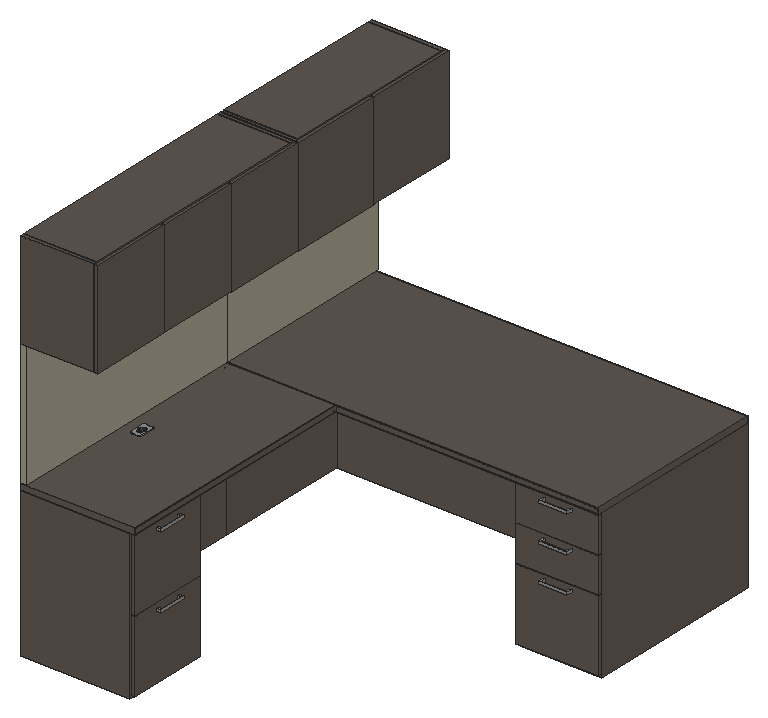
Revit family "T100051", category Casework, Revit 2018 (continued)
Definition of nested family "FIRST OFFICE-PULSE_STORAGE_WALLMNT_ORGANIZER_W-DOORS"
  Automatic sketch dimensions
    plane 6 "FRONT" to Masking region 2 sketch curve = 0' - 0"
    Extrusion 6 sketch curve to plane 28 = 0' - 0"
    Extrusion 6 sketch curve to plane 20 = 0' - 0"
    Extrusion 6 sketch curve to plane 33 = 0' - 0"
    Extrusion 6 sketch curve to plane 32 = 0' - 0"
    Extrusion 7 sketch curve to plane 25 = 0' - 0"
    Extrusion 7 sketch curve to plane 22 = 0' - 0"
    Extrusion 7 sketch curve to plane 33 = 0' - 0"
    Extrusion 7 sketch curve to plane 32 = 0' - 0"
    plane 29 to Extrusion 8 sketch curve = 0' - 0"
    Extrusion 8 sketch curve to plane 19 = 0' - 0"
    Extrusion 8 sketch curve to plane 33 = 0' - 0"
    Extrusion 8 sketch curve to plane 32 = 0' - 0"
    Extrusion 9 sketch curve to plane 26 = 0' - 0"
    plane 23 to Extrusion 9 sketch curve = 0' - 0"
    Extrusion 9 sketch curve to plane 33 = 0' - 0"
    Extrusion 9 sketch curve to plane 32 = 0' - 0"
    Masking region 3 sketch curve to plane 20 = 0' - 0"
    plane 6 "FRONT" to Masking region 3 sketch curve = 0' - 0"
    Masking region 3 sketch curve to plane 28 = 0' - 0"
    plane 31 to Masking region 3 sketch curve = 0' - 0"
    Masking region 4 sketch curve to plane 22 = 0' - 0"
    plane 6 "FRONT" to Masking region 4 sketch curve = 0' - 0"
    Masking region 4 sketch curve to plane 25 = 0' - 0"
    plane 31 to Masking region 4 sketch curve = 0' - 0"
    Masking region 5 sketch curve to plane 19 = 0' - 0"
    plane 6 "FRONT" to Masking region 5 sketch curve = 0' - 0"
    Masking region 5 sketch curve to plane 29 = 0' - 0"
    plane 31 to Masking region 5 sketch curve = 0' - 0"
    Masking region 6 sketch curve to plane 23 = 0' - 0"
    plane 6 "FRONT" to Masking region 6 sketch curve = 0' - 0"
    Masking region 6 sketch curve to plane 26 = 0' - 0"
    plane 31 to Masking region 6 sketch curve = 0' - 0"
    Extrusion 10 sketch curve to plane 25 = 0' - 0"
    Extrusion 10 sketch curve to plane 20 = 0' - 0"
    Extrusion 10 sketch curve to plane 33 = 0' - 0"
    Extrusion 10 sketch curve to plane 32 = 0' - 0"
    Masking region 7 sketch curve to plane 20 = 0' - 0"
    plane 6 "FRONT" to Masking region 7 sketch curve = 0' - 0"
    Masking region 7 sketch curve to plane 25 = 0' - 0"
    plane 31 to Masking region 7 sketch curve = 0' - 0"
    Extrusion 11 sketch curve to plane 26 = 0' - 0"
    Extrusion 11 sketch curve to plane 19 = 0' - 0"
    Extrusion 11 sketch curve to plane 33 = 0' - 0"
    Extrusion 11 sketch curve to plane 32 = 0' - 0"
    Masking region 8 sketch curve to plane 19 = 0' - 0"
    plane 6 "FRONT" to Masking region 8 sketch curve = 0' - 0"
    Masking region 8 sketch curve to plane 26 = 0' - 0"
    plane 31 to Masking region 8 sketch curve = 0' - 0"
    Extrusion 12 sketch curve to plane 26 = 0' - 0"
    plane 24 to Extrusion 12 sketch curve = 0' - 0"
    Extrusion 12 sketch curve to plane 33 = 0' - 0"
    Extrusion 12 sketch curve to plane 32 = 0' - 0"
    Masking region 9 sketch curve to plane 24 = 0' - 0"
    plane 6 "FRONT" to Masking region 9 sketch curve = 0' - 0"
    Masking region 9 sketch curve to plane 26 = 0' - 0"
    plane 31 to Masking region 9 sketch curve = 0' - 0"
    plane 30 to Extrusion 13 sketch curve = 0' - 0"
    Extrusion 13 sketch curve to plane 21 = 0' - 0"
    Extrusion 13 sketch curve to plane 33 = 0' - 0"
    Extrusion 13 sketch curve to plane 32 = 0' - 0"
    Masking region 10 sketch curve to plane 21 = 0' - 0"
    plane 6 "FRONT" to Masking region 10 sketch curve = 0' - 0"
    Masking region 10 sketch curve to plane 30 = 0' - 0"
    plane 31 to Masking region 10 sketch curve = 0' - 0"
    Extrusion 14 sketch curve to plane 27 = 0' - 0"
    Extrusion 14 sketch curve to plane 20 = 0' - 0"
    Extrusion 14 sketch curve to plane 33 = 0' - 0"
    Extrusion 14 sketch curve to plane 32 = 0' - 0"
    Masking region 11 sketch curve to plane 20 = 0' - 0"
    plane 6 "FRONT" to Masking region 11 sketch curve = 0' - 0"
    Masking region 11 sketch curve to plane 27 = 0' - 0"
    plane 31 to Masking region 11 sketch curve = 0' - 0"
    Extrusion 15 sketch curve to plane 7 = 0' - 0"
    Extrusion 15 sketch curve to plane 33 = 0' - 0"
    Extrusion 15 sketch curve to plane 6 "FRONT" = 0' - 0.938"
    Extrusion 15 sketch curve to Extrusion 15 sketch curve = 0' - 0 3/4"
Definition of nested family "FIRST OFFICE-PULSE_TACKBOARDS_FOR_WALLMOUNT_ORGNZRS"
  Parameters (values of type "PULSE_TACKBOARD_FOR_WALLMOUNT_FT2073")
    URL = "http://www.firstoffice.com/products/casegoods/pulse"
    MODE NUMBER = "FT2073"
    ENVIRONMENTAL = "http://www.firstoffice.com/information/environment"
    Model = ""
    Manufacturer = "FIRST OFFICE-PULSE"
    MANUFACTURERS' CODE = "FOF"
    Description = "PULSE TACKBOARD FOR WALLMOUNT ORGANIZER 48X24"
    TACKBOARD WIDTH = 4' - 0"
    CATALOG CODE = "FOF"
    Assembly Code = ""
  Types (9): name | MODE NUMBER | Description | TACKBOARD WIDTH
    PULSE_TACKBOARD_FOR_WALLMOUNT_FT2136 | "FT2136" | "PULSE TACKBOARD FOR WALLMOUNT ORGANIZER 96X24" | 8' - 0"
    PULSE_TACKBOARD_FOR_WALLMOUNT_FT2139 | "FT2139" | "PULSE TACKBOARD FOR WALLMOUNT ORGANIZER 84X24" | 7' - 0"
    PULSE_TACKBOARD_FOR_WALLMOUNT_FT2069 | "FT2069" | "PULSE TACKBOARD FOR WALLMOUNT ORGANIZER 72X24" | 6' - 0"
    PULSE_TACKBOARD_FOR_WALLMOUNT_FT2070 | "FT2070" | "PULSE TACKBOARD FOR WALLMOUNT ORGANIZER 66X24" | 5' - 6"
    PULSE_TACKBOARD_FOR_WALLMOUNT_FT2071 | "FT2071" | "PULSE TACKBOARD FOR WALLMOUNT ORGANIZER 60X24" | 5' - 0"
    PULSE_TACKBOARD_FOR_WALLMOUNT_FT2073 | "FT2073" | "PULSE TACKBOARD FOR WALLMOUNT ORGANIZER 48X24" | 4' - 0"
    PULSE_TACKBOARD_FOR_WALLMOUNT_FT2074 | "FT2074" | "PULSE TACKBOARD FOR WALLMOUNT ORGANIZER 42X24" | 3' - 6"
    PULSE_TACKBOARD_FOR_WALLMOUNT_FT2075 | "FT2075" | "PULSE TACKBOARD FOR WALLMOUNT ORGANIZER 36X24" | 3' - 0"
    PULSE_TACKBOARD_FOR_WALLMOUNT_FT2076 | "FT2076" | "PULSE TACKBOARD FOR WALLMOUNT ORGANIZER 30X24" | 2' - 6"
  Reference planes (in)
    plane 1: z = 0
    plane 2 "Center (Left/Right)": x = -1.0070263
    plane 3 "RIGHT": x = 22.9929737
    plane 4 "Back": y = 5.7503486
    plane 5 "Top": z = 53.875
    plane 6: z = 30.125
    plane 7: y = 4.5003486
    plane 8 "LEFT": x = -25.0070263
  Forms (in)
    Extrusion 1, solid
      sketch origin (-14.5070263, 5.25, 0) x (0, 1, 0) y (0, 0, 1)
        loop
          line (-0.7496514, 30.125) -> (0.5003486, 30.125) -> (0.5003486, 53.875) -> (-0.7496514, 53.875) -> (-0.7496514, 30.125)
      from -10.5 to 37.5
  Lines and regions (in)
    Masking region 1
      outline origin (-14.5070263, 0, 0) x (1, 0, 0) y (0, 1, 0)
        loop
          line (-10.5, 5.7503486) -> (-10.5, 4.5003486) -> (37.5, 4.5003486) -> (37.5, 5.7503486) -> (-10.5, 5.7503486)
    Masking region 2, not visible
      outline origin (-15.7570263, -5, 0) x (1, 0, 0) y (0, 1, 0)
        loop
          line (-9.25, 10.7503486) -> (-9.25, 9.5003486) -> (14.75, 9.5003486) -> (14.75, 10.7503486) -> (-9.25, 10.7503486)
    Masking region 3, not visible
      outline origin (1.2429737, -5, 0) x (1, 0, 0) y (0, 1, 0)
        loop
          line (-2.25, 10.7503486) -> (-2.25, 9.5003486) -> (21.75, 9.5003486) -> (21.75, 10.7503486) -> (-2.25, 10.7503486)
  Dimensions and locks (in)
    locked: plane 5 "Top" to plane 6 at 23.75
    locked: plane 4 "Back" to plane 7 at 1.25
    equal spacing: plane 8 "LEFT", plane 2 "Center (Left/Right)", plane 3 "RIGHT"
    "TACKBOARD WIDTH": plane 8 "LEFT" to plane 3 "RIGHT"
    plane 6 to plane 1 = 2' - 6 1/8"
    aligned: Extrusion 1 to plane 2 "Center (Left/Right)"
    aligned and locked: plane 3 "RIGHT" to Extrusion 1
    aligned and locked: plane 7 to Masking region 1
    aligned and locked: Extrusion 1 to plane 8 "LEFT"
    aligned and locked: Masking region 1 to plane 8 "LEFT"
    aligned and locked: Masking region 2 to plane 8 "LEFT"
    aligned and locked: plane 2 "Center (Left/Right)" to Masking region 2
    aligned and locked: Masking region 3 to plane 2 "Center (Left/Right)"
    aligned and locked: plane 3 "RIGHT" to Masking region 3
    aligned and locked: Masking region 2 to plane 4 "Back"
    aligned and locked: plane 7 to Masking region 2
    aligned and locked: Masking region 3 to plane 4 "Back"
    aligned and locked: plane 7 to Masking region 3
    aligned and locked: plane 5 "Top" to Extrusion 1 sketch curve
    aligned and locked: plane 4 "Back" to Extrusion 1 sketch curve
    aligned and locked: Extrusion 1 sketch curve to plane 7
  Automatic sketch dimensions
    Extrusion 1 sketch curve to plane 6 = 0' - 0"
    plane 7 to Masking region 1 sketch curve = 0' - 0"
    Masking region 1 sketch curve to plane 8 "LEFT" = 0' - 0"
    Masking region 1 sketch curve to plane 3 "RIGHT" = 0' - 0"
    plane 4 "Back" to Masking region 1 sketch curve = 0' - 0"
    Masking region 2 sketch curve to plane 8 "LEFT" = 0' - 0"
    Masking region 2 sketch curve to plane 2 "Center (Left/Right)" = 0' - 0"
    plane 7 to Masking region 2 sketch curve = 0' - 0"
    Masking region 2 sketch curve to Masking region 2 sketch curve = 0' - 1 1/4"
    plane 2 "Center (Left/Right)" to Masking region 3 sketch curve = 0' - 0"
    plane 3 "RIGHT" to Masking region 3 sketch curve = 0' - 0"
    plane 7 to Masking region 3 sketch curve = 0' - 0"
    Masking region 3 sketch curve to Masking region 3 sketch curve = 0' - 1 1/4"
